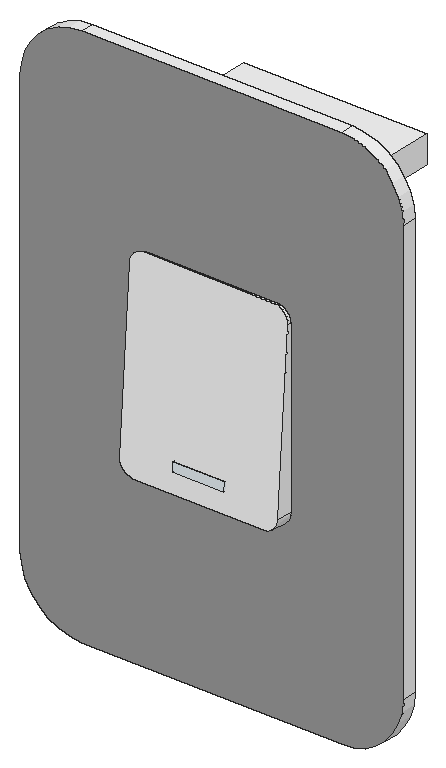
Revit family "EF_Veti-2X4-Plain-Isolator", category Electrical Fixtures, Revit 2016
Family settings
  Maintain Annotation Orientation = No
  Part Type = Switch
  Round Connector Dimension = Use Diameter
  Work Plane-Based = No
  Always vertical = Yes
  Cut with Voids When Loaded = No
  Shared = No
  Room Calculation Point = No
Parameters (values of type "Plain Isolator")
  Voltage_x = 220 V
  URL for TCP = "http://www.tcpbim.co.za"
  URL = "http://www.major-tech.com/15-veti"
  Type Comments = "Switches"
  Switch Voltage = Voltage_x  # 220 V
  Switch Height [instance] = 1200 mm
  Materials [instance] = 0 mm
  Manufacturer = "VETI"
  Made by = "Tolani Civil Projects cc"
  Load = 2860 VA
  Description = "2x4 Isolator"
  Amperage = 16 A
Reference planes
  plane 1 "Center (Front/Back)": y = 0
  plane 2: z = 0
  plane 3 "Center (Left/Right)": x = 0
Forms (mm)
  Extrusion 1, solid, material "Plastic White"
    sketch origin (-181.105, 75, 0) x (1, 0, 0) y (0, 0, 1)
      loop
        arc (133.605, 1200) -> (117.695, 1193.41) -> (111.105, 1177.5) r 22.5
        line (111.105, 1177.5) -> (111.105, 1022.5)
        arc (111.105, 1022.5) -> (117.695, 1006.59) -> (133.605, 1000) r 22.5
        line (133.605, 1000) -> (228.605, 1000)
        arc (228.605, 1000) -> (244.515, 1006.59) -> (251.105, 1022.5) r 22.5
        line (251.105, 1022.5) -> (251.105, 1177.5)
        arc (251.105, 1177.5) -> (244.515, 1193.41) -> (228.605, 1200) r 22.5
        line (228.605, 1200) -> (133.605, 1200)
    from 75 to 80
  Extrusion 2, solid, material "Plastic White"
    sketch origin (-181.105, 0, 0) x (-1, 0, 0) y (0, 0, 1)
      loop
        line (-214.439, 1170) -> (-214.439, 1160) -> (-147.772, 1160) -> (-147.772, 1170) -> (-214.439, 1170)
    from 0 to 51.204
Cuts and joins
  joined: Extrusion 1, Extrusion 2
Dimensions and locks
  Extrusion 1 sketch curve to Extrusion 1 sketch curve = 200 mm
  Extrusion 2 sketch curve to Extrusion 2 sketch curve to Extrusion 1 = 10 mm, 30 mm
  Extrusion 2 sketch curve to Extrusion 2 sketch curve = 66.667 mm
  cut or joined group of Extrusion 1, Extrusion 2 to cut or joined group of Extrusion 1, Extrusion 2 = 200 mm
  cut or joined group of Extrusion 1, Extrusion 2 to cut or joined group of Extrusion 1, Extrusion 2 to cut or joined group of Extrusion 1, Extrusion 2 to cut or joined group of Extrusion 1, Extrusion 2 = 30 mm locked, 10 mm locked, 160 mm locked
  "Switch Height": level to cut or joined group of Extrusion 1, Extrusion 2
  cut or joined group of Extrusion 1, Extrusion 2 to cut or joined group of Extrusion 1, Extrusion 2 to cut or joined group of Extrusion 1, Extrusion 2 = 51.204 mm locked, 5 mm locked
  locked: cut or joined group of Extrusion 1, Extrusion 2 to cut or joined group of Extrusion 1, Extrusion 2 at 66.667
  locked: cut or joined group of Extrusion 1, Extrusion 2 to plane 1 "Center (Front/Back)"
  plane 3 "Center (Left/Right)" to Extrusion 1 sketch curve = 70 mm
  cut or joined group of Extrusion 1, Extrusion 2 to nested 2 to nested 2 to cut or joined group of Extrusion 1, Extrusion 2 = 63.754 mm locked, 72.214 mm locked, 64.032 mm locked
  plane 3 "Center (Left/Right)" to nested 2 = 29.046 mm
  aligned and locked: level to plane 2
  aligned and locked: nested 1 to plane 1 "Center (Front/Back)"
  aligned and locked: nested 2 to cut or joined group of Extrusion 1, Extrusion 2
Automatic sketch dimensions
  Extrusion 1 sketch curve to plane 3 "Center (Left/Right)" = 47.5 mm
  plane 3 "Center (Left/Right)" to Extrusion 1 sketch curve = 47.5 mm  (x2)
  level to Extrusion 1 sketch curve = 1000 mm
  Extrusion 1 sketch curve to Extrusion 1 sketch curve = 22.5 mm  (x2)
  Extrusion 2 sketch curve to Extrusion 1 = 36.667 mm  (x2)
Nested families
  nested 1: "Power Point Test 1" at (0, 0, 0) x (-1, 0, 0) z (0, 0, 1), type "Receptacle Symbol"
  nested 2: "Vertical Switch" at (-0.199, -4.919, -35.811), type "Vertical Switch"
    with Length 57.694 mm
Connectors
  electrical at (0, 25.602, 1170), driven by "Voltage_x", driven by "Load"
    settings: on cut or joined group of Extrusion 1, Extrusion 2, index 2, voltage 220 V, apparent load 0 VA, apparent load phase1 2860 VA, apparent load phase2 0 VA, apparent load phase3 0 VA, power factor 1, load classification "Other", number of poles 1, system type 31, power factor state 1, is connector primary yes, connector utility no, sub classification motor no, connector description ""
Definition of nested family "Vertical Switch"
  Parameters
    Length [instance] = 32.776 mm
  Reference planes
    plane 1 "Center (Front/Back)": y = 0
    plane 2: z = 0
    plane 3 "Center (Left/Right)": x = 0
    plane 4: x = -16.388
    plane 5: x = 16.388
  Forms (mm)
    Extrusion 1, solid
      sketch origin (-1136.248, 2.783, 1137.475) x (0, -0.069756, -0.997564) y (1, 0, 0)
        loop
          arc (-29.234, 1152.636) -> (-32.77, 1151.171) -> (-34.234, 1147.636) r 5
          line (-34.234, 1147.636) -> (-34.234, 1124.86)
          arc (-34.234, 1124.86) -> (-32.77, 1121.324) -> (-29.234, 1119.86) r 5
          line (-29.234, 1119.86) -> (32.741, 1119.86)
          arc (32.741, 1119.86) -> (36.277, 1121.324) -> (37.741, 1124.86) r 5
          line (37.741, 1124.86) -> (37.741, 1147.636)
          arc (37.741, 1147.636) -> (36.277, 1151.171) -> (32.741, 1152.636) r 5
          line (32.741, 1152.636) -> (-29.234, 1152.636)
      from 6.186 to 0.253
    Extrusion 2, solid
      sketch origin (-1136.051, -0.005, 1135.912) x (0, -0.069756, -0.997564) y (1, 0, 0)
        loop
          line (28.988, 1145.439) -> (25.488, 1145.439) -> (25.488, 1126.663) -> (28.988, 1126.663) -> (28.988, 1145.439)
      from 0 to 3.974
  Dimensions and locks
    equal spacing: plane 5, plane 3 "Center (Left/Right)", plane 4
    "Length": plane 5 to plane 4
    Extrusion 2 to plane 3 "Center (Left/Right)" to Extrusion 2 = 9.388 mm locked, 9.388 mm locked
    aligned and locked: plane 2 to level
    aligned and locked: plane 4 to Extrusion 1 sketch curve
    aligned and locked: Extrusion 1 sketch curve to plane 5
  Automatic sketch dimensions
    Extrusion 1 sketch curve to plane 5 = 5 mm
    Extrusion 1 sketch curve to Extrusion 1 sketch curve = 5 mm
    Extrusion 1 sketch curve to Extrusion 1 sketch curve = 61.975 mm
    plane 4 to Extrusion 1 sketch curve = 5 mm
    Extrusion 1 sketch curve to Extrusion 1 sketch curve = 0 mm
    Extrusion 2 sketch curve to plane 5 = 7 mm
    Extrusion 2 sketch curve to Extrusion 2 sketch curve = 3.5 mm
    plane 4 to Extrusion 2 sketch curve = 7 mm
Definition of nested family "Power Point Test 1"
  Parameters
    Plug Point Height = 1200 mm
  Reference planes
    plane 1: y = 0
    plane 2: x = 0
  Lines and regions (mm)
    Filled region 1, type "Filled region 1"
      outline origin (0.028, 0.162, 0) x (1, 0, 0) y (0, 1, 0)
        loop
          circle (-0.012, 2.074) r 0.25
    detail lines
      curve 1: line (-0.442, -0.034, 0) -> (-0.442, 0.736, 0)
      curve 2: arc (1.505, 0.736, 0) -> (0.005, 2.236, 0) -> (-1.495, 0.736, 0) r 1.5
      curve 3: line (0.451, -0.034, 0) -> (0.451, 0.736, 0)
      curve 4: line (-1.495, 0.736, 0) -> (1.505, 0.736, 0)
      curve 5: line (0.005, 2.236, 0) -> (0.005, 4.241, 0)
      curve 6: arc (-1.025, 3.953, 0) -> (0.005, 4.241, 0) -> (1.034, 3.953, 0) r 1.988
  Text (mm)
    label "A" at (-2.189, 3.565, 0), shows "Plug Point Height"
    text "I" at (-0.392, 1.988, 0)
  Dimensions and locks
    curve 1 to curve 3 = 0.893 mm
